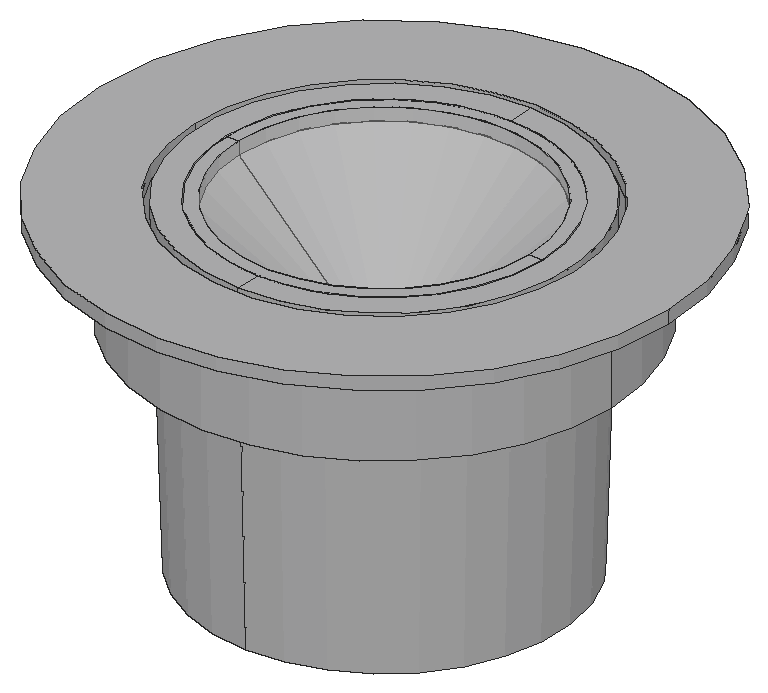
Revit family "3079384 Feilo Sylvania Lighting Fixture INSTAR PRO LED ADJ BA NW + DB", category Lighting Fixtures, host Face, Revit 2017
Family settings
  Host = Face
  Round Connector Dimension = Use Diameter
  Part Type = Normal
  OmniClass Number = 23.80.70.11.17
  OmniClass Title = Specialized Lighting by Location or Use
  Cut with Voids When Loaded = No
  Light Source = No
  Shared = No
  Room Calculation Point = No
Parameters (values of type "3079384 INSTAR PRO LED ADJ BA NW + DB")
  Weight = "6.36 kg"
  WarrantyStartDate [instance] = "n/a"
  WarrantyGuarantorParts = "n/a"
  WarrantyDurationUnit = "n/a"
  WarrantyDurationParts = "n/a"
  WarrantyDescription = "n/a"
  Voltage = 240 V
  URL = "http://www.sylvania-lighting.com"
  TypeName = "INSTAR PRO LED ADJ BA NW + DB"
  TypeHead_FEILO = Instar Pro Rotateable Head : 3079384 INSTAR PRO LED ADJ BA NW + DB
  SerialNumber [instance] = "n/a"
  PowerFactor = 0
  PowerConsumption = "13 W"
  NominalWidth = 0.0 mm
  NominalLength = 90.0 mm
  NominalHeight = 60.0 mm
  Name = "INSTAR PRO LED ADJ BA NW + DB"
  ModelReference = "INSTAR PRO LED ADJ BA NW + DB"
  ModelNumber = "3079384"
  Material_1_FEILO = Aluminum_Sylvania_Instar Eco Kit Adjustable SunDim_Bright
  RecessedDepth_FEILO = 138.0 mm
  Material = "aluminium housing, glass diffuser"
  ManufacturerName = "Feilo Sylvania"
  LuminousEfficacy = "60 lm/W"
  LuminaireType = ""
  LightOutputRatio = "100"
  LampsType = Lamp  # "LED"
  LampNominalLuminous = "810 lm"
  LampMacAdamStep = "n/a"
  LampColourTemperature = "4000 K"
  LampColourRenderingIndex = "0"
  Keynote = "16500"
  InstallationDate [instance] = "n/a"
  InputVoltage = "240V~"
  InputNominalFrequency = "n/a"
  IngressProtection = "IP20"
  ImpactProtectionIndex = "IK02"
  IfcExportType = "IfcLightFixtureType"
  IfcExportAs = "IfcLightFixtureType"
  ExpectedLife = 50000
  EndAngle_FEILO [instance] = FixtureTiltAngle_FEILO + 180.00°  # 180.00°
  ElectricShockClassification = "Class II"
  DurationUnit = "hours"
  DocumentationLiterature = "http://www.sylvania-lighting.com/product/en-int/products/3079384"
  DimmingControlOptions = "n/a"
  CreatedOn = "2/20/2018"
  CreatedBy = ""
  BarCode [instance] = "n/a"
  AssetType = "Fixed"
  AssetIdentifier [instance] = "n/a"
  AccessoryBodyOuterDiameter_FEILO = 62.0 mm
  Offset_FEILO = -5.3 mm  # constant formula
  Diameter_FEILO = AccessoryOuterDiameter_FEILO  # 90.0 mm
  AccessoryInnerDiameter_FEILO = 60.0 mm
  FixtureTiltAngle_FEILO [instance] = 0.00°
  CutoutDiameter_FEILO = 75.0 mm
  Material_2_FEILO = Aluminum_Sylvania_Instar Eco Kit Adjustable SunDim_White
  Material_3_FEILO = Aluminum_Sylvania_Instar Eco Kit Adjustable SunDim_White
  built-in parameter 1114216 [instance] = 1 (stored number, unit not read)
  Model = "INSTAR PRO LED ADJ BA NW + DB"
  Manufacturer = "Feilo Sylvania"  # constant formula
  Lamp = "LED"
  Material_4_FEILO = Glass_Sylvania_Instar Eco Kit Adjustable SunDim_Clear
  Description = "Utilsing SunDim technology to acheive warmer colour temperature as the fitting is dimmed. Incredible colour quality with 92  to 94 CRI. 12W LED white downlight. Ideal for hospitality accent and display lighting applications such as bathrooms, wellness areas, terraces or porches. Choice of fixed, adjustable and dimmable fixed versions. Comes complete and ready to install with its driver. Available in white and brushed aluminium finishes. Outstanding performace, up to 545lm - at 3,000K. A small 68mm round cut out is required, giving the ability to place your light source almost anywhere due to a shallow luminaire depth of 49.9mm. Quick and easy to install. No UV or IR radiations. LED technology provides energy efficient solution and reduced maintenance costs"  # constant formula
  Default Elevation = 0.0 mm
  built-in parameter 1140040 [instance] = 1
  Assembly Code = "D5020200"
  Apparent Load = 13 VA
  AccessoryBodyInnerDiameter_FEILO = 72.0 mm
  AccessoryOuterDiameter_FEILO = AccessoryBodyInnerDiameter_FEILO + 18.0 mm  # 90.0 mm
Reference planes
  plane 1 "Center (Front/Back)": y = 0
  plane 2: z = 0
  plane 3 "Center (Left/Right)": x = 0
  plane 4 "Fixture Bottom": z = 2
  plane 5 "Accessory Top": z = -15
  plane 6 "Rotation Plane": z = -5.29
  plane 7: y = 5
  plane 8: y = -5
  plane 9: x = -5
Forms (mm)
  Extrusion 1, void
    sketch origin (0, 0, 58) x (-1, 0, 0) y (0, -1, 0)
      loop
        circle (0, 0) r 37.5
    from -376.952 to -56
  Extrusion 2, solid, material "Aluminum_Sylvania_Instar Eco Kit Adjustable SunDim_White" <- "Material_3_FEILO"
    sketch origin (0, 0, 58) x (-1, 0, 0) y (0, -1, 0)
      loop
        circle (0, 0) r 45
      loop
        circle (0, 0) r 30
    from -58 to -56
  Extrusion 3, solid, material "Aluminum_Sylvania_Instar Eco Kit Adjustable SunDim_White" <- "Material_3_FEILO"
    sketch origin (0, 0, 58) x (-1, 0, 0) y (0, -1, 0)
      loop
        circle (0, 0) r 36
      loop
        circle (0, 0) r 31
    from -73 to -58
  Revolve 4, solid, not visible
    sketch origin (1.164, -4572, -5.29) x (-1, 0, 0) y (0, -1, 0)
      loop
        line (1.164, -4577) -> (6.164, -4577) -> (6.164, -4567) -> (1.164, -4567) -> (1.164, -4577)
      axis (1.164, -4577) -> (1.164, -4567)
    angle from 0 <- "FixtureTiltAngle_FEILO" to 180 <- "EndAngle_FEILO"
Cuts and joins
  joined: Extrusion 2, Extrusion 3
Dimensions and locks
  locked: plane 4 "Fixture Bottom" to plane 2 at 2
  locked: plane 2 to plane 5 "Accessory Top" at 15
  locked: plane 2 to plane 6 "Rotation Plane" at 5.29
  plane 8 to plane 1 "Center (Front/Back)" to plane 7 = 5.0 mm locked, 5.0 mm locked
  locked: plane 9 to plane 3 "Center (Left/Right)" at 5
  "AccessoryOuterDiameter_FEILO": diameter of Extrusion 2 sketch curve
  "AccessoryInnerDiameter_FEILO": diameter of Extrusion 2 sketch curve
  "AccessoryBodyOuterDiameter_FEILO": diameter of Extrusion 3 sketch curve
  "AccessoryBodyInnerDiameter_FEILO": diameter of Extrusion 3 sketch curve
  "CutoutDiameter_FEILO": diameter of Extrusion 1 sketch curve
  aligned and locked: plane 2 to host face
  aligned and locked: level to host face
  aligned and locked: Extrusion 2 to plane 2
  aligned and locked: Extrusion 2 to plane 4 "Fixture Bottom"
  aligned and locked: plane 2 to Extrusion 3
  aligned and locked: Extrusion 3 to plane 5 "Accessory Top"
  aligned and locked: plane 4 "Fixture Bottom" to Extrusion 1
  aligned and locked: plane 3 "Center (Left/Right)" to Revolve 4 sketch curve
  aligned and locked: Revolve 4 sketch curve to plane 3 "Center (Left/Right)"
  aligned and locked: plane 8 to Revolve 4 sketch curve
  aligned and locked: Revolve 4 sketch curve to plane 7
  aligned and locked: Revolve 4 sketch curve to plane 9
  aligned and locked: nested 1 to Revolve 4
Automatic sketch dimensions
  host sketch curve to host sketch curve = 345.0 mm
  host sketch curve to host sketch curve = 280.0 mm
  Revolve 4 sketch curve to plane 3 "Center (Left/Right)" = 0.0 mm  (x2)
  Revolve 4 sketch curve to plane 7 = 806.717 mm
  plane 8 to Revolve 4 sketch curve = 758.171 mm
  plane 1 "Center (Front/Back)" to Extrusion 1 sketch curve = 0.0 mm
  Extrusion 1 sketch curve to plane 3 "Center (Left/Right)" = 0.0 mm
  Extrusion 2 sketch curve to Extrusion 2 sketch curve = 0.0 mm  (x2)
  plane 1 "Center (Front/Back)" to Extrusion 2 sketch curve = 0.0 mm
  Extrusion 2 sketch curve to plane 3 "Center (Left/Right)" = 0.0 mm
  Extrusion 3 sketch curve to Extrusion 3 sketch curve = 0.0 mm  (x2)
  plane 1 "Center (Front/Back)" to Extrusion 3 sketch curve = 0.0 mm
  Extrusion 3 sketch curve to plane 3 "Center (Left/Right)" = 0.0 mm
Nested families
  nested 1: "Instar Pro Rotateable Head" at (-1.973, 0, 0.01) x (0, -1, 0) z (0, 0, -1), type <- "TypeHead_FEILO", type "3079384 INSTAR PRO LED ADJ BA NW + DB"
Definition of nested family "Instar Pro Rotateable Head"
  Parameters (values of type "3079384 INSTAR PRO LED ADJ BA NW + DB")
    Wattage = 13 W
    built-in parameter 1150110 = 1 (stored number, unit not read)
    URL = "http://www.feilosylvania.com"
    built-in parameter 1114217 = 1 (stored number, unit not read)
    Tilt Angle = 90.00°
    built-in parameter 1150109 = 1 (stored number, unit not read)
    built-in parameter 1150134 = 12
    built-in parameter 1150113 = 1 (stored number, unit not read)
    Model = "INSTAR PRO LED ADJ BA NW + DB"
    Material_1_FEILO = none
    Photometric Web File = "3079384.ies"
    Outer Radius = 29.0 mm
    Manufacturer = "Feilo Sylvania"
    built-in parameter 1150105 = 1200.1 (stored number, unit not read)
    Lumens = 780 lm
    built-in parameter 1150115 = 1 (stored number, unit not read)
    built-in parameter 1150137 = (empty or 0)
    built-in parameter 1150139 = (empty or 0)
    built-in parameter 1150112 = 1 (stored number, unit not read)
    built-in parameter 1150114 = 1 (stored number, unit not read)
    Lamp = "LED"
    Keynote = "16500"
    Inner Radius = Outer Radius - 4.0 mm  # 25.0 mm
    built-in parameter 1150132 = 2
    built-in parameter 1150102 = (empty or 0)
    built-in parameter 1150107 = 4000 (stored number, unit not read)
    built-in parameter 1150138 = (empty or 0)
    built-in parameter 1150106 = 12.001 (stored number, unit not read)
    Height = 50.0 mm
    Emit from Circle Diameter = Diffuser Radius * 2  # 46.0 mm
    Emit Shape Visible in Rendering = no
    built-in parameter 1150104 = 5.5742 (stored number, unit not read)
    Dimming Lamp Color Temperature Shift = (empty or 0)
    Diffuser Radius = Outer Radius - 6.0 mm  # 23.0 mm
    Material_2_FEILO = none
    Description = ""
    Default Elevation = 0.0 mm
    Color Filter = 16777215
    Material_3_FEILO = none
    built-in parameter 1114218 = 1 (stored number, unit not read)
    built-in parameter 1150133 = 10 (stored number, unit not read)
    Assembly Code = "D5020200"
    Apparent Load = 13 VA
  Types (4, lengths in mm): name | Wattage | built-in parameter 1150134 | Model | Photometric Web File | built-in parameter 1150105 | Lumens | built-in parameter 1150107 | built-in parameter 1150106 | built-in parameter 1150104 | Apparent Load
    3079384 INSTAR PRO LED ADJ BA NW + DB | 13 W | 12 | "INSTAR PRO LED ADJ BA NW + DB" | "3079384.ies" | 1200.1 (stored number, unit not read) | 780 lm | 4000 (stored number, unit not read) | 12.001 (stored number, unit not read) | 5.5742 (stored number, unit not read) | 13 VA
    3079383 INSTAR PRO LED ADJ BA WW + DB | 12 W | (empty or 0) | "INSTAR PRO LED ADJ BA WW + DB" | "3079383.ies" | 1023.3 (stored number, unit not read) | 696 lm | 3000 (stored number, unit not read) | 10.233 (stored number, unit not read) | 5.3884 (stored number, unit not read) | 12 VA
    3079382 INSTAR PRO LED ADJ WH NW + DB | 13 W | 12 | "INSTAR PRO LED ADJ WH NW + DB" | "3079382.ies" | 1200.1 (stored number, unit not read) | 780 lm | 4000 (stored number, unit not read) | 12.001 (stored number, unit not read) | 5.5742 (stored number, unit not read) | 13 VA
    3079381 INSTAR PRO LED ADJ WH WW + DB | 12 W | (empty or 0) | "INSTAR PRO LED ADJ WH WW + DB" | "3079381.ies" | 1023.3 (stored number, unit not read) | 696 lm | 3000 (stored number, unit not read) | 10.233 (stored number, unit not read) | 5.3884 (stored number, unit not read) | 12 VA
  Reference planes
    plane 1 "Center (Front/Back)": y = -1.973
    plane 2: z = 0
    plane 3 "Center (Left/Right)": x = 0
    plane 4: z = -2
    plane 5: z = 50
    plane 6: z = 46
    plane 7: z = 5.3
  Forms (mm)
    Revolve 1, solid, material <- "Material_1_FEILO", detail levels fine
      sketch origin (0, 0, 0) x (0, 1, 0) y (0, 0, 1)
        loop
          line (23.027, -2) -> (17.433, 17) -> (-1.973, 17) -> (-1.973, 15) -> (5.129, 15) -> (21.027, 0) -> (21.027, -2) -> (23.027, -2)
        axis (-1.973, 17) -> (-1.973, -2)
      angle from 0 to 360
    Extrusion 2, solid, material <- "Material_2_FEILO", detail levels fine
      sketch origin (0, 0, 0) x (1, 0, 0) y (0, 1, 0)
        loop
          circle (0, -1.973) r 23
      from -2 to 0
    Revolve 3, solid, material <- "Material_3_FEILO", detail levels fine
      sketch origin (0, -1.973, 0) x (1, 0, 0) y (0, 0, 1)
        loop
          line (-29, -2) -> (-25, -2) -> (-23.5, 46) -> (0, 46) -> (0, 50) -> (-27.375, 50) -> (-29, -2)
        axis (0, 50) -> (0, -2)
      angle from 0 to 360
    Revolve 4, solid, material <- "Material_3_FEILO", detail levels coarse+medium
      sketch origin (0, -1.973, 0) x (1, 0, 0) y (0, 0, 1)
        loop
          line (-29, -2) -> (0, -2) -> (0, 50) -> (-22, 50) -> (-29, -2)
        axis (0, 50) -> (0, -2)
      angle from 0 to 360
  Dimensions and locks
    "Outer Radius": plane 3 "Center (Left/Right)" to Revolve 3 sketch curve
    locked: Revolve 3 sketch curve to Revolve 3 sketch curve at 4
    locked: Revolve 3 sketch curve to Revolve 3 sketch curve at 3.998
    "Inner Radius": Revolve 1 sketch curve to plane 1 "Center (Front/Back)"
    locked: Revolve 1 sketch curve to Revolve 1 sketch curve at 2
    locked: plane 7 to plane 2 at 5.3
    "Outer Radius": imposter light to Revolve 4 sketch curve
    locked: level to plane 4 at 2
    locked: plane 5 to plane 6 at 4
    "Height": plane 5 to level
    "Diffuser Radius": radius of Extrusion 2 sketch curve
    aligned and locked: level to plane 2
    aligned and locked: Revolve 1 sketch curve to plane 4
    aligned and locked: plane 1 "Center (Front/Back)" to Revolve 1 sketch curve
    aligned and locked: Revolve 1 sketch curve to plane 1 "Center (Front/Back)"
    aligned and locked: plane 4 to Revolve 1 sketch curve
    aligned and locked: plane 2 to Revolve 1 sketch curve
    aligned and locked: Revolve 1 sketch curve to Revolve 1 sketch curve
    aligned and locked: Extrusion 2 to plane 4
    aligned and locked: plane 2 to Extrusion 2
    aligned and locked: Revolve 3 sketch curve to plane 5
    aligned and locked: Revolve 3 sketch curve to plane 6
    aligned and locked: Revolve 3 sketch curve to plane 3 "Center (Left/Right)"  (x2)
    aligned and locked: plane 3 "Center (Left/Right)" to imposter light
    aligned and locked: plane 1 "Center (Front/Back)" to imposter light
    aligned and locked: plane 4 to imposter light
    aligned and locked: Revolve 4 sketch curve to plane 5
    aligned and locked: Revolve 4 sketch curve to plane 4
    aligned and locked: Revolve 4 sketch curve to plane 3 "Center (Left/Right)"
  Automatic sketch dimensions
    Revolve 1 sketch curve to plane 1 "Center (Front/Back)" = 7.102 mm
    Revolve 1 sketch curve to Revolve 1 sketch curve = 12.304 mm
    Revolve 1 sketch curve to plane 7 = 9.7 mm
    Revolve 1 sketch curve to Revolve 1 sketch curve = 2.0 mm
    Revolve 1 sketch curve to plane 4 = 14.644 mm
    Revolve 1 sketch curve to plane 6 = 11.383 mm
    plane 1 "Center (Front/Back)" to Extrusion 2 sketch curve = 0.0 mm
    Extrusion 2 sketch curve to plane 3 "Center (Left/Right)" = 0.0 mm
    Revolve 3 sketch curve to plane 4 = 0.0 mm
    Revolve 3 sketch curve to plane 4 = 30.928 mm
    Revolve 3 sketch curve to Revolve 3 sketch curve = 20.072 mm
    Revolve 4 sketch curve to plane 3 "Center (Left/Right)" = 0.0 mm
    Revolve 4 sketch curve to plane 3 "Center (Left/Right)" = 22.0 mm
    Revolve 4 sketch curve to plane 4 = 30.928 mm
    Revolve 4 sketch curve to Revolve 4 sketch curve = 20.072 mm
